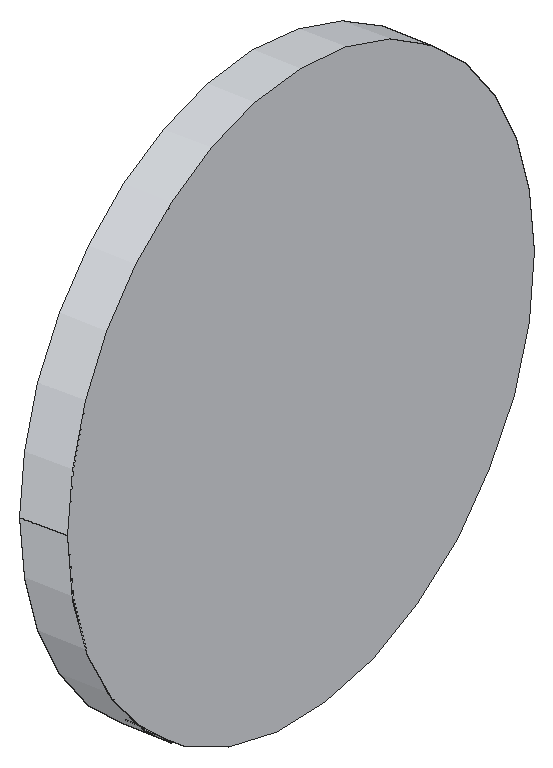
Revit family "Syst Splitter - DCW", category Pipe Fittings, Revit 2019
Family settings
  Round Connector Dimension = Use Radius
  Part Type = Transition
  OmniClass Number = 23.60.30.11.14
  OmniClass Title = Pipework Fittings
  Work Plane-Based = No
  Always vertical = Yes
  Cut with Voids When Loaded = No
  Shared = No
Parameters (values of type "Shower head (Public)")
  Utiliser l'échelle d'annotations [instance] = 1
  Nominal Radius [instance] = Nominal Diameter / 2  # 50 mm
  Nominal Diameter [instance] = 100 mm
  Nom_equipement_01_TEXT [instance] = ""
  Nom de la table de recherche = "STN_Pipe_Cast_Iron_Copper"
  Height = 10 mm
  Insulation Thickness [instance] = 0 mm
  Insulation Radius [instance] = Fitting Outside Radius + Insulation Thickness  # 60.96 mm
  Fixture Units = 3
  Fitting Outside Radius [instance] = Fitting Outside Diameter / 2  # 60.96 mm
  Fitting Outside Diameter [instance] = size_lookup(Nom de la table de recherche, "FOD", Nominal Diameter + 3.175 mm, Nominal Diameter)  # 121.92 mm
  Coefficient K = 0.1
  Assembly Code = ""
Types (28, lengths in mm): name | Fixture Units
  Water Closet (Flushometer Tank) | 2
  Water closet, private (Flush Valve) | 6
  _NO FIXTURE (VENT ONLY) | 0
  Water closet, private (Flush Tank) | 2.2
  Water closet, public (Flush Valve) | 10
  Water closet, public (Flush Tank) | 5
  Lavatory (Private) | 0.5
  Kitchen sink (Private) | 1
  Drinking fountain | 0.25
  Dishwashing machine | 0
  Shower head (Public) | 3
  Shower (Private) | 1
  Urinal (Flush Tank) | 3
  Urinal (1" Flushometer Valve) | 10
  Urinal (3/4" Flushometer Valve) | 5
  Service sink | 2.25
  Washing Machine (8lb, Private) | 1
  Washing Machine (8lb, Public) | 2.25
  Bathroom group (Private, Flush Tank) | 2.7
  Bathroom group (Private, Flush Valve | 6
  Bathtub (Private) | 1
  Bidet | 1.5
  Combination fixture | 2.25
  Laundry tray (1 to 3) | 1
  Bathtub (Public) | 3
  Kitchen Sink (Hotel, Restaurant) | 3
  Lavatory (Public) | 1.5
  Washing Machine (15lb, Public) | 3
Reference planes
  plane 1 "Centre (Front/Back)": y = 0
  plane 2: z = 0
  plane 3 "Centre (Left/Right)": x = 0
  plane 4: x = 10
  plane 5: x = 10
  plane 6: y = 60.96
  plane 7: y = -60.96
Forms (mm)
  Extrusion 1, solid, detail levels fine
    sketch origin (0, 0, 0) x (0, 1, 0) y (0, 0, 1)
      loop
        circle (0, 0) r 60.96
    from 0 to 10
  Extrusion 2, solid
    sketch origin (0, 0, 0) x (0, 1, 0) y (0, 0, 1)
      loop
        circle (0, 0) r 60.96
    from 0 to 10
Lines and regions (mm)
  model lines, style "InvisibleLines"
    curve 1: line (37.946, 99.919, 0) -> (-38.304, 99.919, 0)
    curve 2: line (-38.304, 99.919, 0) -> (-21.31, 91.995, 0)
    curve 3: line (-38.304, 99.919, 0) -> (-21.31, 107.843, 0)
Dimensions and locks
  "Height": plane 3 "Centre (Left/Right)" to plane 4
  "Insulation Thickness": plane 4 to plane 5
  "Fitting Outside Radius": plane 6 to plane 1 "Centre (Front/Back)"
  "Fitting Outside Radius": plane 1 "Centre (Front/Back)" to plane 7
  "Fitting Outside Radius": radius of Extrusion 1 sketch curve
  "Insulation Radius": radius of Extrusion 2 sketch curve
  aligned and locked: plane 1 "Centre (Front/Back)" to Extrusion 1 sketch curve
  aligned and locked: plane 2 to Extrusion 1 sketch curve
  aligned and locked: Extrusion 1 to plane 3 "Centre (Left/Right)"
  aligned and locked: plane 4 to Extrusion 1
  aligned and locked: plane 1 "Centre (Front/Back)" to Extrusion 2 sketch curve
  aligned and locked: plane 2 to Extrusion 2 sketch curve
  aligned and locked: Extrusion 2 to plane 3 "Centre (Left/Right)"
  aligned and locked: plane 5 to Extrusion 2
Automatic sketch dimensions
  curve 1 to plane 3 "Centre (Left/Right)" = 38.304 mm
  plane 6 to curve 1 = 38.959 mm
  curve 1 to curve 2 = 16.993 mm
  curve 3 to curve 2 = 0 mm
  plane 4 to curve 1 = 27.946 mm
  curve 2 to curve 1 = 7.924 mm
  curve 2 to curve 3 = 15.848 mm
Connectors
  piping at (0, 0, 0), diameter 100, driven by "Nominal Radius", driven by "Fixture Units"
    settings: on Extrusion 1, index 1, connector inside diameter 100 mm, connector length 0 mm, flow factor 0, pipe flow 0.0 L/s, pressure drop 0.0 Pa, fitting loss kfactor 0, connector angle 0.00°, fixture units 3, engagement length 0 mm, angle of deflection 0.00°, flow configuration 3, flow direction 2, fitting loss method 0, system type 20, joint type 0, gender type 0, connector reference index -1, connector utility 0, adjustable connector yes, is connector primary yes, connector description "Sanitary Out"
